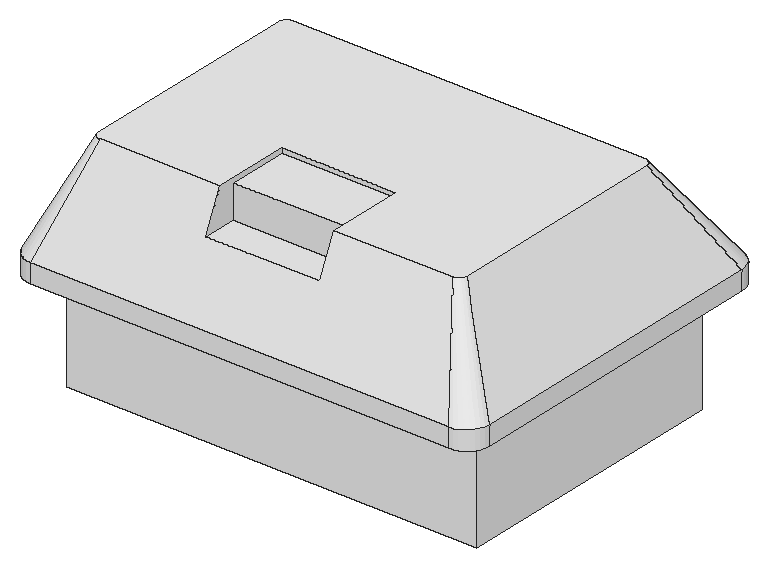
Revit family "Hand-Dryer_Bobrick_AirCraft-Recessed", category Electrical Fixtures, host Face, Revit 2015
Parameters
  Warranty Duration (Years) = 0
  Unit Width = 1' - 3 1/4"
  Unit Height = 0' - 11 7/8"
  Unit Depth = 0' - 7 9/16"
  URL = "http://www.bobrick.com/Pages/default.aspx"
  Test Data = ""
  Specification = ""
  SpecWizard = ""
  Send Message = "http://www.arcat.com/users.pl?action=UserEmail&company=Bobrick+Washroom+Equipment,+Inc.&coid=30988&rep=156&fax=818-503-1930&mf="
  Sales Information = "http://www.bobrick.com/Pages/ContactUs.aspx"
  Revision = "R1_10_2012"
  Recess Into Host = 0' - 3 9/16"
  Product Properties = ""
  Product Data = "http://arcat.com/arcatcos/cos30/arc30988.html?isac=1&r=1"
  Mounting Height [instance] = 4' - 0"
  Model = "As Specified"
  Manufacturer Website = "http://www.bobrick.com/Pages/default.aspx"
  Manufacturer Phone - Toll Free = ""
  Manufacturer Phone = "818-764-1000"
  Manufacturer Fax = "818-503-1930"
  Manufacturer Address = "11611 Hart St. North Hollywood, CA 91605-5882"
  Manufacturer = "Bobrick Washroom Equipment, Inc."
  Maintenance Schedule (Months) = 0
  Keynote = "102813"
  Installation-Fabrication = "http://www.bobrick.com/washroomaccessories/Pages/WashroomAccessories.aspx"
  Installation Phase = ""
  Housing Material = Enamel - Bobrick - White
  Green Building-LEED = ""
  Blower Material = Metal - Bobrick - Chrome
  Expected Lifespan (Years) = 0
  Drawn By = "Sumex Design, Inc. / Robert S. Weygant, CSI, CDT, SCIP"
  Description = "Bobrick Washroom Accessory as Specified"
  Default Elevation = 4' - 0"
  Copyright = "©Arcat Inc."
  Construction Details = ""
  Building Codes = ""
  Assembly Code = "E1090900"
Reference planes (in)
  plane 1 "Center (Front/Back)": y = 14.47215
  plane 2: z = 0
  plane 3 "Center (Left/Right)": x = 0
  plane 4: y = 20.40965
  plane 5: y = 8.53465
  plane 6: x = -7.625
  plane 7: x = 7.625
  plane 8: z = 4
  plane 9: z = -3.5625
  plane 10: y = 9.84715
  plane 11 "FF": y = -38.15285
Forms (in)
  Extrusion 1, solid, material "Enamel - Bobrick - White" <- "Housing Material"
    sketch origin (0, 0, 0) x (1, 0, 0) y (0, 1, 0)
      loop
        arc (-6.875, 20.40965) -> (-7.40533, 20.18998) -> (-7.625, 19.65965) r 0.75
        line (-7.625, 19.65965) -> (-7.625, 9.28465)
        arc (-7.625, 9.28465) -> (-7.40533, 8.75432) -> (-6.875, 8.53465) r 0.75
        line (-6.875, 8.53465) -> (6.875, 8.53465)
        arc (6.875, 8.53465) -> (7.40533, 8.75432) -> (7.625, 9.28465) r 0.75
        line (7.625, 9.28465) -> (7.625, 19.65965)
        arc (7.625, 19.65965) -> (7.40533, 20.18998) -> (6.875, 20.40965) r 0.75
        line (6.875, 20.40965) -> (-6.875, 20.40965)
    from 0 to 0.625
  SweptBlend 2, solid, material "Enamel - Bobrick - White" <- "Housing Material"
    path origin (0, 14.47215, 0) x (1, 0, 0) y (0, 0, 1)
      loop
        line (0, 0.625) -> (0, 4)
    profile origin (0, 14.47215, 0.625) x (-1, 0, 0) y (0, -1, 0)
      loop
        line (-6.875, -5.9375) -> (6.875, -5.9375)
        arc (6.875, -5.9375) -> (7.40533, -5.71783) -> (7.625, -5.1875) r 0.75
        line (7.625, -5.1875) -> (7.625, 5.1875)
        arc (7.625, 5.1875) -> (7.40533, 5.71783) -> (6.875, 5.9375) r 0.75
        line (6.875, 5.9375) -> (-6.875, 5.9375)
        arc (-6.875, 5.9375) -> (-7.40533, 5.71783) -> (-7.625, 5.1875) r 0.75
        line (-7.625, 5.1875) -> (-7.625, -5.1875)
        arc (-7.625, -5.1875) -> (-7.40533, -5.71783) -> (-6.875, -5.9375) r 0.75
    end profile origin (0, 14.47215, 4) x (-1, 0, 0) y (0, -1, 0)
      loop
        arc (5.797, -3.5) -> (5.98474, -3.42224) -> (6.0625, -3.2345) r 0.2655
        line (6.0625, -3.2345) -> (6.0625, 4.17187)
        arc (6.0625, 4.17187) -> (5.9847, 4.3597) -> (5.79687, 4.4375) r 0.26562
        line (5.79687, 4.4375) -> (-5.79687, 4.4375)
        arc (-5.79687, 4.4375) -> (-5.9847, 4.3597) -> (-6.0625, 4.17187) r 0.26562
        line (-6.0625, 4.17187) -> (-6.0625, -3.23438)
        arc (-6.0625, -3.23438) -> (-5.9847, -3.4222) -> (-5.79687, -3.5) r 0.26562
        line (-5.79687, -3.5) -> (5.797, -3.5)
  Extrusion 3, solid, material "Enamel - Bobrick - White" <- "Housing Material"
    sketch origin (0, 0, 0) x (1, 0, 0) y (0, 1, 0)
      loop
        line (6.75, 19.09715) -> (-6.75, 19.09715) -> (-6.75, 9.84715) -> (6.75, 9.84715) -> (6.75, 19.09715)
    from 0 to -3.5625
  Extrusion 4, void
    sketch origin (0, 0, 0) x (1, 0, 0) y (0, 1, 0)
      loop
        line (-1.875, 12.59715) -> (-1.875, 9.30738) -> (1.875, 9.30738) -> (1.875, 12.59715) -> (-1.875, 12.59715)
    from 2.75 to 6.87378
  Extrusion 5, solid, material "Metal - Bobrick - Chrome" <- "Blower Material"
    sketch origin (0, 0, 0) x (1, 0, 0) y (0, 1, 0)
      loop
        line (-1.875, 10.59715) -> (1.875, 10.59715) -> (1.875, 12.59715) -> (-1.875, 12.59715) -> (-1.875, 10.59715)
    from 2.75 to 3.84922
  Extrusion 6, void
    sketch origin (0, 0, 0) x (1, 0, 0) y (0, 1, 0)
      loop
        line (-6.875, 19.22215) -> (-6.875, 9.72215) -> (6.875, 9.72215) -> (6.875, 19.22215) -> (-6.875, 19.22215)
    from 0 to -3.5625
Cuts and joins
  Extrusion 4 cuts Extrusion 1
  Extrusion 4 cuts SweptBlend 2
  Extrusion 4 cuts Extrusion 3
Dimensions and locks (in)
  equal spacing: plane 4, plane 1 "Center (Front/Back)", plane 5
  "Unit Height": plane 4 to plane 5
  equal spacing: plane 6, plane 3 "Center (Left/Right)", plane 7
  "Unit Width": plane 6 to plane 7
  "Recess Into Host": level to plane 9
  "Unit Depth": plane 8 to plane 9
  locked: plane 10 to plane 5 at 1.3125
  "Mounting Height": plane 10 to plane 11 "FF"
  aligned and locked: plane 2 to host face
  aligned and locked: level to host face
Automatic sketch dimensions
  host sketch curve to host sketch curve = 8' - 0"  (x2)
  Extrusion 1 sketch curve to plane 4 = 0' - 0"
  Extrusion 1 sketch curve to plane 6 = 0' - 0"
  plane 5 to Extrusion 1 sketch curve = 0' - 0"
  plane 6 to Extrusion 1 sketch curve = 0' - 0 3/4"  (x2)
  Extrusion 1 sketch curve to plane 7 = 0' - 0 3/4"  (x2)
  plane 7 to Extrusion 1 sketch curve = 0' - 0"
  SweptBlend 2 sketch curve to plane 3 "Center (Left/Right)" = 0' - 0"
  SweptBlend 2 sketch curve to plane 8 = 0' - 0"
  level to SweptBlend 2 sketch curve = 0' - 0 5/8"
  profile plane to SweptBlend 2 sketch curve = 0' - 7 5/8"
  SweptBlend 2 sketch curve to SweptBlend 2 sketch curve = 0' - 0 3/4"  (x3)
  SweptBlend 2 sketch curve to profile plane = 0' - 6 7/8"  (x2)
  SweptBlend 2 sketch curve to plane 1 "Center (Front/Back)" = 0' - 5 15/16"
  plane 1 "Center (Front/Back)" to SweptBlend 2 sketch curve = 0' - 5 3/16"
  profile plane to SweptBlend 2 sketch curve = 0' - 6 1/16"
  SweptBlend 2 sketch curve to profile plane = 0' - 5 51/64"
  SweptBlend 2 sketch curve to SweptBlend 2 sketch curve = 0' - 0.00013"
  SweptBlend 2 sketch curve to SweptBlend 2 sketch curve = 0' - 0.2655"
  SweptBlend 2 sketch curve to plane 1 "Center (Front/Back)" = 0' - 3 1/2"
  plane 1 "Center (Front/Back)" to SweptBlend 2 sketch curve = 0' - 4 11/64"
  SweptBlend 2 sketch curve to SweptBlend 2 sketch curve = 0' - 0 17/64"  (x2)
  plane 5 to Extrusion 4 sketch curve = 0' - 0.77273"
  Extrusion 4 sketch curve to plane 3 "Center (Left/Right)" = 0' - 1 7/8"
  plane 3 "Center (Left/Right)" to Extrusion 4 sketch curve = 0' - 1 7/8"
  plane 1 "Center (Front/Back)" to Extrusion 4 sketch curve = 0' - 1 7/8"
  Extrusion 5 sketch curve to plane 3 "Center (Left/Right)" = 0' - 1 7/8"
  plane 3 "Center (Left/Right)" to Extrusion 5 sketch curve = 0' - 1 7/8"
  plane 5 to Extrusion 5 sketch curve = 0' - 2 1/16"
  plane 1 "Center (Front/Back)" to Extrusion 5 sketch curve = 0' - 1 7/8"
  plane 6 to Extrusion 6 sketch curve = 0' - 0 3/4"
  Extrusion 6 sketch curve to plane 7 = 0' - 0 3/4"
  plane 5 to Extrusion 6 sketch curve = 0' - 1 3/16"
  Extrusion 6 sketch curve to plane 4 = 0' - 1 3/16"
  plane 6 to Extrusion 3 sketch curve = 0' - 0 7/8"
  Extrusion 3 sketch curve to plane 7 = 0' - 0 7/8"
  plane 5 to Extrusion 3 sketch curve = 0' - 1 5/16"
  Extrusion 3 sketch curve to plane 4 = 0' - 1 5/16"
